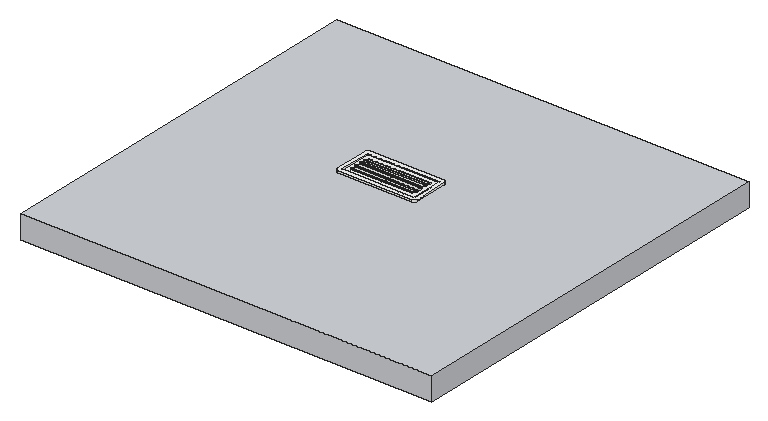
Revit family "111111001403001", category Modelos genéricos, Revit 2018
Family settings
  Anfitrión = Cara
  Puede alojar armadura = No
  Cota de conector redondo = Diámetro de uso
  Tipo de pieza = Normal
  Corte con vacíos al cargar = No
  Compartido = No
  Punto de cálculo de habitación = No
Parameters (values of type "CELOSIA BEAGLE PAI 25X12.5CM BLANCO")
  Ventajas = ""
  Uso = "Se utiliza como sistema de ventilación en Puertas, Shaft, Muro y Tina"
  Url Ficha tecnica = "https://empresascnp.cl/wp-content/uploads//pdf/ficha-tecnica-celosia-beagle-pai-25x12-5cm-blanco.pdf"
  Unidad = "Cajas de 50 Unidades"
  URL = "https://www.empresascnp.cl/"
  Num SKUs = "111111001403001"
  Nombre SKU = "CELOSIA BEAGLE PAI 25X12.5CM BLANCO"
  Model = "CELOSIA BEAGLE PAI"
  Material = PP Blanco
  Largo = 250.00 mm
  Espesor = 1.00 mm
  Empresa = "CNP SPA."
  Elevación por defecto = 1000.00 mm
  Dureza = ""
  Dimension = 125.00 mm
  Description = ""
  Assembly Code = ""
  Contacto = "info@empresascnp.cl"
  Color = "Blanco"
  Aplicacion = ""
Reference planes
  plane 1: z = 0
  plane 2 "level above": z = 15
  plane 3 "level below": z = -50
  plane 4 "izq": x = -176.738
  plane 5: y = 105.02
  plane 6: y = 42.52
  plane 7: y = 52.52
  plane 8: y = 32.52
  plane 9: x = -51.738
  plane 10: x = -41.738
  plane 11: x = -61.738
  plane 12: y = -19.98
  plane 13 "2": x = 73.262
  plane 14: y = 92.939
  plane 15: x = -164.656
Forms (mm)
  Extrusion 1, solid
    sketch origin (0, 0, 0) x (1, 0, 0) y (0, 1, 0)
      loop
        line (-644.525, 571.5) -> (-644.525, -666.75) -> (644.525, -666.75) -> (644.525, 571.5) -> (-644.525, 571.5)
    from 0 to -72.672
  Revolve 2, void, not visible
    sketch origin (-150.829, 0, 5) x (-1, 0, 0) y (0, 1, 0)
      loop
        line (-149.164, 92.939) -> (-149.164, 94.562) -> (-184.164, 94.562) -> (-184.164, 77.939) -> (-164.164, 77.939)
        arc (-164.164, 77.939) -> (-159.771, 88.545) -> (-149.164, 92.939) r 15
      axis (-149.164, 94.562) -> (-149.164, 77.939)
    angle from 0 to -90
  Extrusion 3, solid, not visible
    sketch origin (-176.738, 0, 5) x (0, 1, 0) y (0, 0, 1)
      loop
        line (77.939, 15) -> (77.939, 0) -> (92.939, 0)
        arc (92.939, 0) -> (88.545, 10.607) -> (77.939, 15) r 15
    from 12.574 to 190.074
  Revolve 4, void, not visible
    sketch origin (0, 0, 5) x (1, 0, 0) y (0, 1, 0)
      loop
        line (-149.164, 92.939) -> (-149.164, 94.493) -> (-184.164, 94.493) -> (-184.164, 77.939) -> (-164.164, 77.939)
        arc (-164.164, 77.939) -> (-159.771, 88.545) -> (-149.164, 92.939) r 15
      axis (-149.164, 94.493) -> (-149.164, 77.939)
    angle from 0 to -90
  Extrusion 5, solid, material "PP Blanco" <- "Material"
    sketch origin (248.223, 193.933, -15) x (1, 0, 0) y (0, 1, 0)
      loop
        arc (-414.962, -88.913) -> (-422.033, -91.842) -> (-424.962, -98.913) r 10
        line (-424.962, -98.913) -> (-424.962, -203.913)
        arc (-424.962, -203.913) -> (-422.033, -210.984) -> (-414.962, -213.913) r 10
        line (-414.962, -213.913) -> (-184.962, -213.913)
        arc (-184.962, -213.913) -> (-177.891, -210.984) -> (-174.962, -203.913) r 10
        line (-174.962, -203.913) -> (-174.962, -98.913)
        arc (-174.962, -98.913) -> (-177.891, -91.842) -> (-184.962, -88.913) r 10
        line (-184.962, -88.913) -> (-414.962, -88.913)
      loop
        line (-412.88, -100.995) -> (-412.88, -201.831) -> (-187.043, -201.831) -> (-187.043, -100.995) -> (-412.88, -100.995)
    from 15 to 20
  Extrusion 6, solid, material "PP Blanco" <- "Material"
    sketch origin (0, 0, 0) x (1, 0, 0) y (0, 1, 0)
      loop
        line (-164.656, 92.939) -> (-164.656, -7.898) -> (61.18, -7.898) -> (61.18, 92.939) -> (-164.656, 92.939)
      loop
        line (-149.656, 77.939) -> (-149.656, 7.102) -> (46.18, 7.102) -> (46.18, 77.939) -> (-149.656, 77.939)
    from 0 to 3
  Extrusion 7, solid, material "PP Blanco" <- "Material"
    sketch origin (0, 0.673, 7.316) x (1, 0, 0) y (0, 0.956305, -0.292372)
      loop
        line (46.18, 24.811) -> (-149.656, 24.811) -> (-149.656, 7.102) -> (46.18, 7.102) -> (46.18, 24.811)
    from 1.407 to 2.175
  Extrusion 8, solid, material "PP Blanco" <- "Material"
    sketch origin (0, 18.382, 7.316) x (1, 0, 0) y (0, 0.956305, -0.292372)
      loop
        line (46.18, 24.811) -> (-149.656, 24.811) -> (-149.656, 7.102) -> (46.18, 7.102) -> (46.18, 24.811)
    from 1.407 to 2.175
  Extrusion 9, solid, material "PP Blanco" <- "Material"
    sketch origin (0, 36.091, 7.316) x (1, 0, 0) y (0, 0.956305, -0.292372)
      loop
        line (46.18, 24.811) -> (-149.656, 24.811) -> (-149.656, 7.102) -> (46.18, 7.102) -> (46.18, 24.811)
    from 1.407 to 2.175
  Extrusion 10, solid, material "PP Blanco" <- "Material"
    sketch origin (0, 53.8, 7.316) x (1, 0, 0) y (0, 0.956305, -0.292372)
      loop
        line (46.18, 24.811) -> (-149.656, 24.811) -> (-149.656, 7.102) -> (46.18, 7.102) -> (46.18, 24.811)
    from 1.407 to 2.175
  Extrusion 11, solid, material "PP Blanco" <- "Material"
    sketch origin (248.223, 183.933, -15) x (1, 0, 0) y (0, 1, 0)
      loop
        line (-300.242, -105.995) -> (-300.242, -176.831) -> (-299.332, -176.831) -> (-299.332, -105.995) -> (-300.242, -105.995)
    from 15 to 16.503
Lines and regions (mm)
  model lines, not visible
    curve 1: line (-164.164, 92.939, 0) -> (13.336, 92.939, 0)
    curve 2: line (13.336, 92.939, 0) -> (13.336, 77.939, 0)
    curve 3: line (13.336, 77.939, 0) -> (-164.164, 77.939, 0)
    curve 4: line (-164.164, 77.939, 0) -> (-164.164, 92.939, 0)
Dimensions and locks
  locked: plane 2 "level above" to level at 15
  locked: level to plane 3 "level below" at 50
  equal spacing: plane 12, plane 6, plane 5
  equal spacing: plane 7, plane 6, plane 8, locked at 10 each
  equal spacing: plane 4 "izq", plane 9, plane 13 "2"
  plane 11 to plane 9 to plane 10 = 10.00 mm locked, 10.00 mm locked
  equal spacing: group 3, group 4, group 5, group 6  (x3)
  aligned and locked: plane 1 to Extrusion 1
  aligned and locked: level to Extrusion 1
Automatic sketch dimensions
  Extrusion 7 sketch curve to Extrusion 7 sketch curve = 195.836 mm
  Extrusion 7 sketch curve to Extrusion 7 sketch curve = 17.709 mm
  Extrusion 8 sketch curve to Extrusion 8 sketch curve = 195.836 mm
  Extrusion 8 sketch curve to Extrusion 8 sketch curve = 17.709 mm
  Extrusion 9 sketch curve to Extrusion 9 sketch curve = 195.836 mm
  Extrusion 9 sketch curve to Extrusion 9 sketch curve = 17.709 mm
  Extrusion 10 sketch curve to Extrusion 10 sketch curve = 195.836 mm
  Extrusion 10 sketch curve to Extrusion 10 sketch curve = 17.709 mm
  Extrusion 1 sketch curve to Extrusion 1 sketch curve = 1289.05 mm
  Extrusion 1 sketch curve to Extrusion 1 sketch curve = 1238.25 mm
  Extrusion 5 sketch curve to plane 4 "izq" = 0.00 mm
  plane 12 to Extrusion 5 sketch curve = 0.00 mm
  plane 5 to Extrusion 5 sketch curve = 0.00 mm
  Extrusion 5 sketch curve to plane 15 = 0.00 mm
  plane 14 to Extrusion 5 sketch curve = 0.00 mm
  Extrusion 5 sketch curve to plane 13 "2" = 0.00 mm
  Extrusion 5 sketch curve to plane 15 = 2.082 mm  (x2)
  Extrusion 5 sketch curve to plane 13 "2" = 12.082 mm
  Extrusion 5 sketch curve to plane 13 "2" = 10.00 mm  (x2)
  Extrusion 5 sketch curve to Extrusion 5 sketch curve = 2.082 mm
  Extrusion 6 sketch curve to plane 15 = 0.00 mm
  plane 14 to Extrusion 6 sketch curve = 0.00 mm
  plane 15 to Extrusion 6 sketch curve = 15.00 mm
  Extrusion 6 sketch curve to plane 13 "2" = 27.082 mm
  Extrusion 6 sketch curve to plane 13 "2" = 12.082 mm
  plane 14 to Extrusion 6 sketch curve = 15.00 mm
  Extrusion 6 sketch curve to plane 8 = 25.418 mm
  Extrusion 6 sketch curve to plane 12 = 12.082 mm
  plane 9 to Extrusion 11 sketch curve = 0.28 mm
  Extrusion 11 sketch curve to plane 9 = 0.629 mm
  Extrusion 11 sketch curve to plane 8 = 25.418 mm
  plane 14 to Extrusion 11 sketch curve = 15.00 mm
